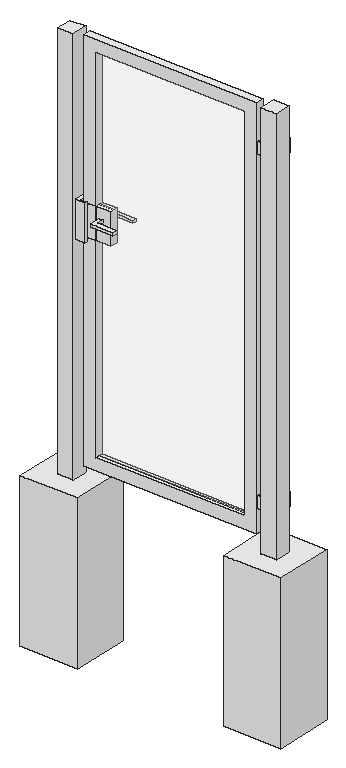
Revit family "NBS_BetafenceLimited_SStlGts_Robusta_Single", category Doors, host Face, Revit 2016
Family settings
  Host = Face
  OmniClass Number = 23.11.25.15.17
  OmniClass Title = Swinging Gates
  Cut with Voids When Loaded = No
  Shared = No
  Room Calculation Point = No
Parameters
  WidthOptions = "1000 mm, 1200 mm, 1500 mm"
  Width = 1145 mm
  WarrantyStartDate [instance] = "1900-12-31T23:59:59"
  WarrantyGuarantorParts = "n/a"
  WarrantyGuarantorLabor = "n/a"
  WarrantyDurationUnit = "year"
  WarrantyDurationParts = "n/a"
  WarrantyDurationLabor = "n/a"
  WarrantyDescription = "10 years"
  Version = "1"  # constant formula
  UpperHingeOffset = 180 mm
  Uniclass2015Version = "Products v1.6"
  Uniclass2015Title = "Stainless steel gates"
  Uniclass2015Code = "Pr_30_59_34_80"
  ThermalTransmittance = 0
  TagNumber [instance] = "n/a"
  SustainabilityPerformance = "n/a"
  SmokeStop = no
  Size = "To be taken from CAD"
  Shape = "n/a"
  SerialNumber [instance] = "n/a"
  SelfClosing = no
  SecurityRating = "n/a"
  SecurityLevel = "Maximum Security"
  Revision = "n/a"
  ReplacementCost = "n/a"
  Reference = "n/a"
  ProductInformation = "//www.betafence.com/en/robusta-medium"
  Posts = "steel: Type S235 JRH class 1, in accordance with EN 10219-2"
  NominalWidth = Width - PostWidth * 2  # 985 mm
  NominalLength = 0 mm
  NominalHeight = Height  # 2072 mm
  Name = "MetalMeshPanelFencingSystem_RobustaSingleLeaf_BetafenceLimited"
  NBSTypeID = "n/a"
  NBSReference = "45-25-35/313"
  NBSOfficeMasterTag = "n/a"
  NBSNote = "n/a"
  NBSDescription = "Stainless steel gates"
  NBSCertification = "www.nationalbimlibrary.com/cert/oxecbxej"
  ModelReference = "Robusta Single Leaf"
  ModelNumber = "n/a"
  Material = "n/a"
  ManufacturerURL = "www.betafence.co.uk"
  ManufacturerName = "Betafence Limited"  # constant formula
  Manufacturer = "sales.sheffield@betafence.com"  # constant formula
  LowerHingeOffset = 170 mm
  LeafFrameThickness = 60 mm  # constant formula
  IsExternal = yes
  InstallationDate [instance] = "1900-12-31T23:59:59"
  Infiltration = 0
  IfcExportType = "GATE"  # constant formula
  IfcExportAs = "IfcDoorType"  # constant formula
  HeightOptions = "1000 mm, 1200 mm, 1500 mm, 1800 mm, 2000 mm, 2400 mm"
  HasFoundation [instance] = yes
  HardwareSecuring = "n/a"
  HardwareOperating = "n/a"
  HardwareHinges = "n/a"
  HandicapAccessible = no
  Grade = "n/a"
  GlazingAreaFraction = 0
  GateLeaves = "n/a"
  FireRating = "n/a"
  FireExit = no
  FinishLayerThickness [instance] = 20 mm
  PostMountDepth = 750 mm
  PostLeafGap = 40 mm  # constant formula
  Operation = "SINGLE_SWING_RIGHT"
  LeafWidth [instance] = Width - PostWidth * 2 - 10 mm - PostLeafGap / 2  # 955 mm
  LeafThickness = 40 mm  # constant formula
  LeafMaterial = NBS_BetafenceLimited_MtlMeshPnlFncngSym_Nylofor2D_Panel
  PostWidth = 80 mm  # constant formula
  PostThickness = 80 mm  # constant formula
  Height = 2072 mm
  Function = 1
  Frame/MullionMaterial = NBS_Concept
  FoundationWidth [instance] = 300 mm
  FoundationMaterial = NBS_Concept
  FoundationDepth [instance] = 800 mm
  Finish = "Polyester coating"
  Features = "n/a"
  ExpectedLife = "n/a"
  DurationUnit = "year"
  Diameter = 0 mm
  Description = "Gate for perimeter security"
  Default Elevation = 0 mm
  Construction Type = "HIGH_GRADE_STEEL"
  Constituents = "n/a"
  Color = "Green (RAL 6005), black (RAL 9005)"
  CodePerformance = "CE Marking"
  Category = "Pr_30_59_34_80: Stainless steel gates"
  BarCode [instance] = "n/a"
  BIMObjectName = "NBS_BetafenceLimited_StainlessSteelGates_Robusta_Single"
  Author = "NBS"  # constant formula
  AssetType = "Fixed"
  AssetIdentifier [instance] = "n/a"
  Applications = "Industry, situations where access control is recommended"
  AcousticRating = "n/a"
  AccessibilityPerformance = "n/a"
  AccessControl = "n/a"
Reference planes
  plane 1 "Center (Front/Back)": y = 0
  plane 2: z = 0
  plane 3 "Center (Left/Right)": x = 0
  plane 4: x = -572.5
  plane 5: x = 572.5
  plane 6: x = -492.5
  plane 7: x = 492.5
  plane 8: y = 40
  plane 9: y = -40
  plane 10: z = -750
  plane 11: z = 2072
  plane 12: x = -452.5
  plane 13: z = 50
  plane 14: x = 452.5
  plane 15: y = 20
  plane 16: y = -20
  plane 17: y = 2.5
  plane 18: y = -2.5
  plane 19: z = -20
  plane 20: z = -820
  plane 21 "LatchPostCL": x = -532.5
  plane 22 "HingePostCL": x = 532.5
  plane 23: x = -682.5
  plane 24: x = -382.5
  plane 25: y = 150
  plane 26: y = -150
  plane 27: x = 682.5
  plane 28: x = 382.5
  plane 29: y = 10
  plane 30: y = -10
  plane 31: z = 1290
  plane 32: z = 1130
  plane 33: x = -312.5
  plane 34: y = 1103
  plane 35: z = 2012
  plane 36: x = 392.5
  plane 37: x = -392.5
  plane 38: z = 110
  plane 39: x = -467.5
  plane 40: x = -438.5
  plane 41: y = -29
  plane 42: z = 1104
  plane 43: z = 1294
  plane 44: x = 485.5
  plane 45: x = 512.5
  plane 46: x = 552.5
  plane 47: y = 68
  plane 48: y = 88
  plane 49: z = 170
  plane 50: z = 230
  plane 51: z = 1892
  plane 52: z = 1832
  plane 53: x = 479.5
  plane 54: z = 200
  plane 55: z = 1862
  plane 56: x = 484.5
  plane 57: x = 444.5
  plane 58: y = 148
  plane 59: y = -75
  plane 60: y = 75
  plane 61: y = -54
  plane 62: y = 54
  plane 63: x = -362.5
  plane 64: z = 1232
  plane 65: z = 1239
  plane 66: z = 1225
  plane 67: x = -351.5
  plane 68: x = -373.5
  plane 69: x = -254.5
Forms (mm)
  Extrusion 1, solid, material "NBS_Concept" <- "Frame/MullionMaterial"
    sketch origin (0, 0, 0) x (1, 0, 0) y (0, 1, 0)
      loop
        line (-572.5, 40) -> (-572.5, -40) -> (-492.5, -40) -> (-492.5, 40) -> (-572.5, 40)
      loop
        line (492.5, 40) -> (492.5, -40) -> (572.5, -40) -> (572.5, 40) -> (492.5, 40)
    from -750 to 2072
  Extrusion 2, solid, material "NBS_Concept" <- "Frame/MullionMaterial", detail levels medium+fine
    sketch origin (0, 0, 0) x (1, 0, 0) y (0, 0, 1)
      loop
        line (-452.5, 2072) -> (-452.5, 50) -> (452.5, 50) -> (452.5, 2072) -> (-452.5, 2072)
      loop
        line (-392.5, 110) -> (392.5, 110) -> (392.5, 2012) -> (-392.5, 2012) -> (-392.5, 110)
    from -20 to 20
  Extrusion 3, solid, material "NBS_BetafenceLimited_MtlMeshPnlFncngSym_Nylofor2D_Panel" <- "LeafMaterial", detail levels medium+fine
    sketch origin (0, 0, 0) x (1, 0, 0) y (0, 0, 1)
      loop
        line (-392.5, 2012) -> (-392.5, 1290) -> (-312.5, 1290) -> (-312.5, 1130) -> (-392.5, 1130) -> (-392.5, 110) -> (392.5, 110) -> (392.5, 2012) -> (-392.5, 2012)
    from -2.5 to 2.5
  Extrusion 4, void
    sketch origin (0, 0, 0) x (1, 0, 0) y (0, 1, 0)
      loop
        line (-572.5, 40) -> (-572.5, -40) -> (-492.5, -40) -> (-492.5, 40) -> (-572.5, 40)
      loop
        line (492.5, 40) -> (492.5, -40) -> (572.5, -40) -> (572.5, 40) -> (492.5, 40)
    from -750 to 0
  Extrusion 5, void
    sketch origin (0, 0, 0) x (1, 0, 0) y (0, 1, 0)
      loop
        line (-682.5, 150) -> (-682.5, -150) -> (-382.5, -150) -> (-382.5, 150) -> (-682.5, 150)
      loop
        line (382.5, 150) -> (382.5, -150) -> (682.5, -150) -> (682.5, 150) -> (382.5, 150)
    from -820 to -20
  Extrusion 6, solid, material "NBS_Concept" <- "FoundationMaterial", visible <- "HasFoundation"
    sketch origin (0, 0, 0) x (1, 0, 0) y (0, 1, 0)
      loop
        line (-682.5, 150) -> (-682.5, -150) -> (-382.5, -150) -> (-382.5, 150) -> (-682.5, 150)
      loop
        line (382.5, 150) -> (382.5, -150) -> (682.5, -150) -> (682.5, 150) -> (382.5, 150)
    from -820 to -20
  Extrusion 7, solid, material "NBS_BetafenceLimited_MtlMeshPnlFncngSym_Nylofor2D_Panel" <- "LeafMaterial", detail levels coarse
    sketch origin (0, 0, 0) x (1, 0, 0) y (0, 0, 1)
      loop
        line (-452.5, 2072) -> (-452.5, 1290) -> (-312.5, 1290) -> (-312.5, 1130) -> (-452.5, 1130) -> (-452.5, 50) -> (452.5, 50) -> (452.5, 2072) -> (-452.5, 2072)
    from -20 to 20
  Extrusion 8, solid, material "NBS_Concept" <- "Frame/MullionMaterial"
    sketch origin (0, 0, 0) x (1, 0, 0) y (0, 0, 1)
      loop
        line (-452.5, 1290) -> (-452.5, 1130) -> (-312.5, 1130) -> (-312.5, 1290) -> (-452.5, 1290)
    from -20 to 20
  Extrusion 9, solid, material "NBS_Concept" <- "Frame/MullionMaterial", detail levels medium+fine
    sketch origin (0, 0, 0) x (1, 0, 0) y (0, 1, 0)
      loop
        line (-467.5, 20) -> (-492.5, 20) -> (-492.5, -29) -> (-438.5, -29) -> (-438.5, -20) -> (-467.5, -20) -> (-467.5, 20)
    from 1104 to 1294
  Extrusion 10, solid, material "NBS_Concept" <- "Frame/MullionMaterial", detail levels medium+fine
    sketch origin (0, 0, 0) x (1, 0, 0) y (0, 1, 0)
      loop
        line (452.5, 20) -> (452.5, -20) -> (485.5, -20) -> (485.5, 88) -> (479.5, 88) -> (452.5, 20)
    from 170 to 230
  Extrusion 11, solid, material "NBS_Concept" <- "Frame/MullionMaterial", detail levels medium+fine
    sketch origin (0, 0, 0) x (1, 0, 0) y (0, 1, 0)
      loop
        line (479.5, 88) -> (452.5, 20) -> (452.5, -20) -> (485.5, -20) -> (485.5, 88) -> (479.5, 88)
    from 1832 to 1892
  Extrusion 12, solid, material "NBS_Concept" <- "Frame/MullionMaterial", detail levels fine
    sketch origin (0, 0, 0) x (1, 0, 0) y (0, 1, 0)
      loop
        line (512.5, 68) -> (512.5, 40) -> (552.5, 40) -> (552.5, 68)
        arc (552.5, 68) -> (532.5, 88) -> (512.5, 68) r 20
    from 170 to 230
  Extrusion 13, solid, material "NBS_Concept" <- "Frame/MullionMaterial", detail levels medium
    sketch origin (0, 0, 0) x (1, 0, 0) y (0, 1, 0)
      loop
        line (512.5, 88) -> (512.5, 40) -> (552.5, 40) -> (552.5, 88) -> (512.5, 88)
    from 170 to 230
  Extrusion 14, solid, material "NBS_Concept" <- "Frame/MullionMaterial", detail levels medium
    sketch origin (0, 0, 0) x (1, 0, 0) y (0, 1, 0)
      loop
        line (512.5, 88) -> (512.5, 40) -> (552.5, 40) -> (552.5, 88) -> (512.5, 88)
    from 1832 to 1892
  Extrusion 15, solid, material "NBS_Concept" <- "Frame/MullionMaterial", detail levels fine
    sketch origin (0, 0, 0) x (1, 0, 0) y (0, 1, 0)
      loop
        line (512.5, 68) -> (512.5, 40) -> (552.5, 40) -> (552.5, 68)
        arc (552.5, 68) -> (532.5, 88) -> (512.5, 68) r 20
    from 1832 to 1892
  Extrusion 16, solid, material "NBS_Concept" <- "Frame/MullionMaterial", detail levels medium+fine
    sketch origin (0, 0, 0) x (0, 1, 0) y (0, 0, 1)
      loop
        circle (68, 200) r 8
    from 452.5 to 532.5
  Extrusion 17, solid, material "NBS_Concept" <- "Frame/MullionMaterial", detail levels medium+fine
    sketch origin (0, 0, 0) x (0, 1, 0) y (0, 0, 1)
      loop
        circle (68, 1862) r 8
    from 452.5 to 532.5
  Extrusion 18, solid, material "NBS_Concept" <- "Frame/MullionMaterial", detail levels medium+fine
    sketch origin (0, 0, 0) x (1, 0, 0) y (0, 1, 0)
      loop
        line (-351.5, -54) -> (-351.5, 54) -> (-254.5, 54) -> (-254.5, 75) -> (-373.5, 75) -> (-373.5, -75) -> (-254.5, -75) -> (-254.5, -54) -> (-351.5, -54)
    from 1225 to 1239
Cuts and joins
  Extrusion 4 cuts Extrusion 6
Lines and regions (mm)
  symbolic lines, style "DoorsPanelProjection", detail levels medium+fine
    curve 1: line (484.5, 1103, 0) -> (484.5, 148, 0)
    curve 2: line (484.5, 1103, 0) -> (444.5, 1103, 0)
    curve 3: line (444.5, 1103, 0) -> (444.5, 148, 0)
    curve 4: line (444.5, 148, 0) -> (484.5, 148, 0)
  symbolic lines, style "Plan Swing", detail levels medium+fine
    curve 5: arc (-452.5, 20, 0) -> (-241.774, 758.438, 0) -> (444.5, 1103, 0) r 955
  symbolic lines, style "Plan Swing", detail levels coarse
    curve 6: arc (532.5, 1103, 0) -> (-219.155, 791.655, 0) -> (-530.5, 40, 0) r 1063
  symbolic lines, style "DoorsPanelProjection", detail levels coarse
    curve 7: line (532.5, 40, 0) -> (532.5, 1103, 0)
Dimensions and locks
  equal spacing: plane 8, plane 1 "Center (Front/Back)", plane 9
  "PostThickness": plane 8 to plane 9
  "PostMountDepth": plane 2 to plane 10
  "Height": plane 11 to plane 2
  "PostLeafGap": plane 7 to plane 14
  "PostWidth": plane 6 to plane 4
  "PostWidth": plane 7 to plane 5
  "Width": plane 5 to plane 4
  equal spacing: plane 5, plane 3 "Center (Left/Right)", plane 4
  equal spacing: plane 15, plane 1 "Center (Front/Back)", plane 16
  "LeafThickness": plane 15 to plane 16
  equal spacing: plane 17, plane 1 "Center (Front/Back)", plane 18
  locked: plane 17 to plane 18 at 5
  equal spacing: plane 6, plane 21 "LatchPostCL", plane 4
  equal spacing: plane 7, plane 22 "HingePostCL", plane 5
  locked: plane 13 to plane 2 at 50
  "FinishLayerThickness": plane 2 to plane 19
  equal spacing: plane 23, plane 21 "LatchPostCL", plane 24
  "FoundationWidth": plane 23 to plane 24
  equal spacing: plane 25, plane 1 "Center (Front/Back)", plane 26
  "FoundationWidth": plane 25 to plane 26
  equal spacing: plane 28, plane 22 "HingePostCL", plane 27
  "FoundationWidth": plane 28 to plane 27
  "FoundationDepth": plane 19 to plane 20
  equal spacing: plane 30, plane 1 "Center (Front/Back)", plane 29
  locked: plane 30 to plane 29 at 20
  locked: plane 31 to plane 32 at 160
  locked: plane 31 to plane 13 at 1240
  "PostLeafGap": plane 6 to plane 12
  "LeafWidth": plane 58 to plane 34
  "LeafFrameThickness": plane 37 to plane 12
  "LeafFrameThickness": plane 14 to plane 36
  "LeafFrameThickness": plane 11 to plane 35
  "LeafFrameThickness": plane 38 to plane 13
  locked: plane 33 to plane 12 at 140
  locked: plane 6 to plane 39 at 25
  locked: plane 6 to plane 40 at 54
  locked: plane 16 to plane 41 at 9
  locked: plane 43 to plane 31 at 4
  locked: plane 32 to plane 42 at 26
  locked: plane 14 to plane 44 at 33
  equal spacing: plane 45, plane 22 "HingePostCL", plane 46
  locked: plane 45 to plane 46 at 40
  locked: plane 47 to plane 8 at 28
  locked: plane 48 to plane 8 at 48
  "LowerHingeOffset": plane 49 to plane 2
  locked: plane 50 to plane 49 at 60
  "UpperHingeOffset": plane 11 to plane 51
  locked: plane 51 to plane 52 at 60
  locked: plane 53 to plane 44 at 6
  equal spacing: plane 51, plane 55, plane 52
  equal spacing: plane 50, plane 54, plane 49
  locked: plane 56 to plane 22 "HingePostCL" at 48
  "LeafThickness": plane 57 to plane 56
  locked: plane 58 to plane 47 at 80
  locked: plane 16 to plane 59 at 55
  locked: plane 15 to plane 60 at 55
  locked: plane 61 to plane 59 at 21
  locked: plane 60 to plane 62 at 21
  locked: plane 12 to plane 63 at 90
  locked: plane 31 to plane 64 at 58
  equal spacing: plane 65, plane 64, plane 66
  locked: plane 65 to plane 66 at 14
  equal spacing: plane 68, plane 63, plane 67
  locked: plane 68 to plane 67 at 22
  locked: plane 63 to plane 69 at 108
  "LeafWidth": radius of curve 5
  aligned and locked: plane 2 to host face
  aligned and locked: level to host face
  aligned and locked: Extrusion 1 sketch curve to plane 8  (x2)
  aligned and locked: plane 4 to Extrusion 1 sketch curve
  aligned and locked: plane 9 to Extrusion 1 sketch curve  (x2)
  aligned and locked: Extrusion 1 sketch curve to plane 6
  aligned and locked: Extrusion 1 sketch curve to plane 7
  aligned and locked: plane 5 to Extrusion 1 sketch curve
  aligned and locked: plane 10 to Extrusion 1
  aligned and locked: Extrusion 1 to plane 11
  aligned and locked: plane 11 to Extrusion 2 sketch curve
  aligned and locked: plane 12 to Extrusion 2 sketch curve
  aligned and locked: plane 13 to Extrusion 2 sketch curve
  aligned and locked: Extrusion 2 sketch curve to plane 14
  aligned and locked: Extrusion 2 to plane 15
  aligned and locked: Extrusion 2 to plane 16
  aligned and locked: Extrusion 3 to plane 17
  aligned and locked: Extrusion 3 to plane 18
  aligned and locked: Extrusion 4 sketch curve to Extrusion 1  (x8)
  aligned and locked: plane 10 to Extrusion 4
  aligned and locked: plane 2 to Extrusion 4
  aligned and locked: Extrusion 5 sketch curve to plane 25  (x2)
  aligned and locked: plane 23 to Extrusion 5 sketch curve
  aligned and locked: plane 26 to Extrusion 5 sketch curve  (x2)
  aligned and locked: plane 24 to Extrusion 5 sketch curve
  aligned and locked: plane 28 to Extrusion 5 sketch curve
  aligned and locked: plane 27 to Extrusion 5 sketch curve
  aligned and locked: Extrusion 5 to plane 19
  aligned and locked: plane 20 to Extrusion 5
  aligned and locked: Extrusion 6 sketch curve to plane 25  (x2)
  aligned and locked: plane 23 to Extrusion 6 sketch curve
  aligned and locked: plane 26 to Extrusion 6 sketch curve  (x2)
  aligned and locked: plane 24 to Extrusion 6 sketch curve
  aligned and locked: plane 28 to Extrusion 6 sketch curve
  aligned and locked: plane 27 to Extrusion 6 sketch curve
  aligned and locked: plane 20 to Extrusion 6
  aligned and locked: Extrusion 6 to plane 19
  aligned and locked: Extrusion 7 sketch curve to Extrusion 2  (x4)
  aligned and locked: Extrusion 7 to plane 15
  aligned and locked: Extrusion 7 to plane 16
  aligned and locked: Extrusion 2 sketch curve to plane 35
  aligned and locked: plane 36 to Extrusion 2 sketch curve
  aligned and locked: Extrusion 2 sketch curve to plane 37
  aligned and locked: Extrusion 2 sketch curve to plane 38
  aligned and locked: Extrusion 3 sketch curve to plane 36
  aligned and locked: plane 38 to Extrusion 3 sketch curve
  aligned and locked: plane 37 to Extrusion 3 sketch curve
  aligned and locked: plane 35 to Extrusion 3 sketch curve
  aligned and locked: Extrusion 7 sketch curve to plane 31
  aligned and locked: Extrusion 7 sketch curve to plane 32
  aligned and locked: Extrusion 3 sketch curve to plane 31
  aligned and locked: Extrusion 3 sketch curve to plane 32
  aligned and locked: Extrusion 3 sketch curve to plane 33
  aligned and locked: Extrusion 8 sketch curve to plane 12
  aligned and locked: Extrusion 8 sketch curve to plane 31
  aligned and locked: Extrusion 8 sketch curve to plane 32
  aligned and locked: Extrusion 8 sketch curve to plane 33
  aligned and locked: Extrusion 8 to plane 15
  aligned and locked: Extrusion 8 to plane 16
  aligned and locked: Extrusion 9 sketch curve to plane 15
  aligned and locked: Extrusion 9 sketch curve to plane 6
  aligned and locked: plane 41 to Extrusion 9 sketch curve
  aligned and locked: Extrusion 9 sketch curve to plane 40
  aligned and locked: Extrusion 9 sketch curve to plane 39
  aligned and locked: plane 16 to Extrusion 9 sketch curve
  aligned and locked: Extrusion 9 to plane 42
  aligned and locked: plane 43 to Extrusion 9
  aligned and locked: Extrusion 10 sketch curve to plane 14
  aligned and locked: plane 16 to Extrusion 10 sketch curve
  aligned and locked: Extrusion 10 sketch curve to plane 44
  aligned and locked: Extrusion 10 sketch curve to plane 48
  aligned and locked: Extrusion 10 to plane 49
  aligned and locked: plane 50 to Extrusion 10
  aligned and locked: Extrusion 11 sketch curve to plane 48
  aligned and locked: Extrusion 11 sketch curve to plane 44
  aligned and locked: plane 16 to Extrusion 11 sketch curve
  aligned and locked: Extrusion 11 sketch curve to plane 14
  aligned and locked: Extrusion 11 to plane 52
  aligned and locked: plane 51 to Extrusion 11
  aligned and locked: Extrusion 12 sketch curve to plane 45
  aligned and locked: Extrusion 12 sketch curve to plane 46
  aligned and locked: Extrusion 12 sketch curve to plane 8
  aligned and locked: Extrusion 12 to plane 49
  aligned and locked: plane 50 to Extrusion 12
  aligned and locked: Extrusion 13 sketch curve to plane 48
  aligned and locked: Extrusion 13 sketch curve to plane 46
  aligned and locked: Extrusion 13 sketch curve to plane 45
  aligned and locked: Extrusion 13 sketch curve to plane 8
  aligned and locked: Extrusion 13 to plane 49
  aligned and locked: plane 50 to Extrusion 13
  aligned and locked: Extrusion 14 sketch curve to plane 45
  aligned and locked: Extrusion 14 sketch curve to plane 46
  aligned and locked: Extrusion 14 sketch curve to plane 48
  aligned and locked: Extrusion 14 sketch curve to plane 8
  aligned and locked: Extrusion 14 to plane 52
  aligned and locked: plane 51 to Extrusion 14
  aligned and locked: Extrusion 15 sketch curve to plane 45
  aligned and locked: Extrusion 15 sketch curve to plane 46
  aligned and locked: Extrusion 15 sketch curve to plane 8
  aligned and locked: Extrusion 15 to plane 52
  aligned and locked: plane 51 to Extrusion 15
  aligned and locked: Extrusion 16 to plane 14
  aligned and locked: Extrusion 16 to plane 22 "HingePostCL"
  aligned and locked: Extrusion 17 to plane 14
  aligned and locked: Extrusion 17 to plane 22 "HingePostCL"
  aligned and locked: plane 58 to curve 4
  aligned and locked: Extrusion 18 sketch curve to plane 61
  aligned and locked: Extrusion 18 sketch curve to plane 69  (x2)
  aligned and locked: Extrusion 18 sketch curve to plane 59
  aligned and locked: Extrusion 18 sketch curve to plane 68
  aligned and locked: Extrusion 18 sketch curve to plane 67
  aligned and locked: Extrusion 18 sketch curve to plane 62
  aligned and locked: Extrusion 18 sketch curve to plane 60
  aligned and locked: Extrusion 18 to plane 66
  aligned and locked: plane 65 to Extrusion 18
  aligned and locked: plane 56 to curve 1
  aligned and locked: plane 57 to curve 3
  aligned and locked: curve 2 to plane 34
  aligned and locked: plane 15 to curve 5
  aligned and locked: plane 12 to Extrusion 8
  aligned and locked: curve 6 to plane 22 "HingePostCL"
  aligned and locked: plane 34 to curve 6
  aligned and locked: plane 8 to curve 7
Automatic sketch dimensions
  host sketch curve to host sketch curve = 2438.4 mm  (x2)
  Extrusion 6 sketch curve to plane 26 = 0 mm
  Extrusion 7 sketch curve to plane 33 = 0 mm
  Extrusion 7 sketch curve to plane 12 = 0 mm
  Extrusion 3 sketch curve to plane 37 = 0 mm
  Extrusion 10 sketch curve to plane 53 = 0 mm
  plane 15 to Extrusion 10 sketch curve = 0 mm
  Extrusion 11 sketch curve to plane 53 = 0 mm
  plane 15 to Extrusion 11 sketch curve = 0 mm
  Extrusion 12 sketch curve to plane 47 = 0 mm
  Extrusion 15 sketch curve to plane 47 = 0 mm
  Extrusion 16 sketch curve to plane 47 = 0 mm
  plane 54 to Extrusion 16 sketch curve = 0 mm
  Extrusion 17 sketch curve to plane 47 = 0 mm
  plane 55 to Extrusion 17 sketch curve = 0 mm
  curve 6 to plane 8 = 0 mm
  curve 5 to plane 12 = 0 mm
  radius of Extrusion 16 sketch curve = 8 mm
  radius of Extrusion 17 sketch curve = 8 mm
